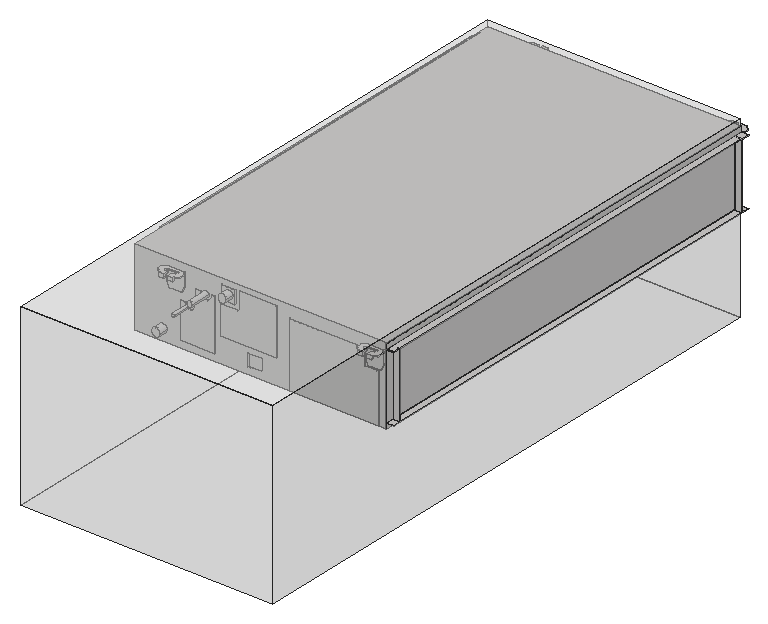
Revit family "outputfile", category 機械設備, Revit 2024
Family settings
  丸型コネクタ寸法 = 半径を使用
  パーツ タイプ = 標準
  OmniClass 番号 = 23.75.10.24.21.27.27
  OmniClass タイトル = Split System Air Conditioning Units
  作業面ベース = いいえ
  常に垂直 = はい
  ロード時にボイドで切り取り = いいえ
  注釈の向きを維持 = いいえ
  共有 = いいえ
  部屋計算ポイント = はい
Parameters (values of type "FBQ140EVE")
  Description = ""
  製造元 = "Daikin"
  書き出し IFC クラス(タイプ) = "IfcUnitaryEquipmentType"
  定義済み IFC タイプ(タイプ) = "AIRCONDITIONINGUNIT"
  Cost = 0
  モデル = "FBQ140EVE"
  Type Comments = ""
  Keynote = ""
  Type Image = (empty or 0)
  Assembly Code = ""
  switch_frequency = yes
  r_Liquid Pipe Size = Liquid Pipe Size / 2  # 4.75 mm
  r_Gas Pipe Size = Gas Pipe Size / 2  # 7.95 mm
  r_Drain Pipe Size = Drain Pipe Size / 2  # 12.5 mm
  lw_power = 770.0 mm  # constant formula
  lh_SA = 138.0 mm  # constant formula
  lw_SA = if(Depth = 550.0 mm, 225.0 mm, if(Depth = 700.0 mm, 300.0 mm, if(Depth = 1000.0 mm, 450.0 mm, if(Depth = 1400.0 mm, 650.0 mm, 725.0 mm))))  # 650.0 mm
  lw_RA = if(Depth = 550.0 mm, 275.0 mm, if(Depth = 700.0 mm, 349.0 mm, if(Depth = 1000.0 mm, 499.0 mm, if(Depth = 1400.0 mm, 699.0 mm, 775.0 mm))))  # 699.0 mm
  lh_power = 60.0 mm + [h***]  # 60.0 mm
  lh_mountinghole1 = lh_mountinghole + [h***]  # 222.0 mm
  lh_RA = 123.0 mm  # constant formula
  ld_power = Depth / 2  # 700.0 mm
  connector_voltage = Voltage_50Hz  # 230 V
  connector_powerinput = [Power Input (Cooling)]  # 5.850 kW
  connector_phase = Phase_50Hz  # 1
  Voltage_comment_60Hz = "220"
  Voltage_comment_50Hz = "220 - 240"
  Voltage_60Hz = 220 V
  Voltage_50Hz = 230 V
  URL = ""
  Supply Air Direction [instance] = yes
  Sound Power Level_H speed (dB) = 0
  Phase_60Hz = 1
  Phase_50Hz = 1
  Minimum External Static Pressure = 0.00 Pa
  Minimum Circuit Amps_60Hz = 0.0 A
  Minimum Circuit Amps_50Hz = 0.0 A
  Maximum Fuse Amps_60Hz = 0.0 A
  Maximum Fuse Amps_50Hz = 0.0 A
  Maximum External Static Pressure = 0.00 Pa
  Material_Casing = DAIKIN_GalvanizedSteel_Casing_indoorunit
  lw_mountinghole = 630.0 mm  # constant formula
  lh_gaspipe = 183.0 mm + [h***]  # 183.0 mm
  lh_mountinghole = 222.0 mm  # constant formula
  lh_liquidpipe = 136.0 mm + [h***]  # 136.0 mm
  lh_drainpipe = 207.0 mm + [h***]  # 207.0 mm
  lh_antena = Height - lh_mountinghole + 1.0 mm  # 24.0 mm
  ld_drainpipe = Depth / 2 + 26.0 mm  # 726.0 mm
  ld_liquidpipe = Depth / 2 + 69.0 mm  # 769.0 mm
  ld_gaspipe = Depth / 2 + 65.0 mm  # 765.0 mm
  ld_mountinghole = Depth + 38.0 mm  # 1438.0 mm
  h*** = 0.0 mm  # constant formula
  lw_liquidpipe = 179.0 mm  # constant formula
  lw_gaspipe = 229.0 mm  # constant formula
  lw_drainpipe = 300.0 mm  # constant formula
  Width = 800.0 mm
  Version = "ver.1.0"
  Unit Type = "Duct"
  Unit Mass Weight = 47.00 kg
  Unit Designation [instance] = ""
  Uniclass2015Version = "Products v1.30"
  Uniclass2015Title = "Split coil room air conditioning units"
  Uniclass2015Code = "Pr_70_65_03_86"
  Total Cooling Capacity [instance] = 0.000 kW
  Sound Pressure Level_M speed (dBA) = 37.5
  Sound Pressure Level_L speed (dBA) = 35
  Sound Pressure Level_H speed (dBA) = 40
  Series = "SkyAir_Fan Coil Unit"
  Sensible Cooling Capacity [instance] = 0.000 kW
  SA Duct Size Width = 1192.0 mm
  SA Duct Size Height = 176.0 mm
  Refrigerant Type = "R410A"
  RA Duct Size Width = 1352.0 mm
  RA Duct Size Height = 208.0 mm
  Power Input (Cooling) = 5.850 kW
  Option Accessory 3 [instance] = ""
  Option Accessory 2 [instance] = ""
  Option Accessory 1 [instance] = ""
  Nominal Cooling Capacity = 14.000 kW
  Minimum Airflow = 1500.00 m³/h
  Median Airflow = 1830.00 m³/h
  Maximum Airflow = 2160.00 m³/h
  Load Classification = HVAC
  Liquid Pipe Size = 9.5 mm
  Link_Nested Family [instance] = ""
  IfcVersion = ""
  IfcExportType = "AIRCONDITIONINGUNIT"
  IfcExportAs = "IfcUnitaryEquipmentType"
  Height = 245.0 mm
  Heat Exchanger Type = "Cross Fin Coil"
  Gas Pipe Size = 15.9 mm
  Frequency_60Hz = 60 Hz
  Frequency_50Hz = 50 Hz
  Fan Type = "Sirocco Fan"
  Fan Drive = "-"
  FCU Tag No. [instance] = ""
  Drain Pipe Size = 25.0 mm
  Design Supply Airflow [instance] = 0.00 m³/h
  Design Return Airflow [instance] = 0.00 m³/h
  Design External Static Pressure [instance] = 0.00 Pa
  Depth = 1400.0 mm
  既定の高さ = 0.0 mm
  Cooling Entering Wet Bulb Temperature [instance] = 0.00 °C
  Cooling Entering Dry Bulb Temperature [instance] = 0.00 °C
  Cooling Ambient Wet Bulb Temperature [instance] = 0.00 °C
  Cooling Ambient Dry Bulb Temperature [instance] = 0.00 °C
  Clearance visibility [instance] = yes
  Clearance Top = 20.0 mm
  Clearance Right = 0.0 mm
  Clearance Rear = 0.0 mm
  Clearance Left = 0.0 mm
  Clearance Front = 450.0 mm
  Clearance Bottom = 300.0 mm
Reference planes
  plane 1 "Center (Front/Back)": y = 0
  plane 2 "h": z = 0
  plane 3 "Center (Left/Right)": x = 0
  plane 4 "Back": y = 700
  plane 5 "Front": y = -700
  plane 6 "Left": x = -400
  plane 7 "Right": x = 400
  plane 8 "Top": z = 0
  plane 9 "Bottom": z = -245
  plane 10: y = -215
  plane 11: y = 700
  plane 12: y = -1150
  plane 13: x = -400
  plane 14: x = 400
  plane 15: z = 20
  plane 16: z = -545
  plane 17: x = -400
  plane 18: x = -399
  plane 19: x = 399
  plane 20: y = 50
  plane 21: y = -1
  plane 22: z = -122
  plane 23: y = -701
  plane 24: z = -109
  plane 25: x = -221
  plane 26: y = -765
  plane 27: z = -62
  plane 28: x = -171
  plane 29: y = -726
  plane 30: z = -38
  plane 31: x = -100
  plane 32: x = -100
  plane 33: x = -221
  plane 34: x = -171
  plane 35: x = 370
  plane 36: x = -266
  plane 37: x = 364
  plane 38: y = -719
  plane 39: y = 719
  plane 40: z = -23
  plane 41: z = -107
  plane 42: y = -769
  plane 43: z = -207
  plane 44: x = -309
  plane 45: y = -726
  plane 46: x = -251
  plane 47: x = -203
  plane 48: x = -144
  plane 49: z = -59
  plane 50: z = -106
  plane 51: z = -221
  plane 52: z = -109
  plane 53: x = -221
  plane 54: z = -62
  plane 55: x = -171
  plane 56: z = -17
  plane 57: z = -59
  plane 58: x = -121
  plane 59: x = -79
  plane 60: x = -125
  plane 61: x = -64
  plane 62: x = 53
  plane 63: z = -164
  plane 64: z = -73
  plane 65: z = -16
  plane 66: x = 93.5
  plane 67: x = 374.5
  plane 68: x = 330
  plane 69: z = -88.5
  plane 70: z = -38
  plane 71: z = -242.5
  plane 72: x = -38.5
  plane 73: x = 6.5
  plane 74: z = -181
  plane 75: z = -221
  plane 76: y = -699
  plane 77: x = -424
  plane 78: x = 424
Forms (mm)
  Extrusion 1, solid, material "DAIKIN_GalvanizedSteel_Casing_indoorunit" <- "Material_Casing"
    sketch origin (0, 0, 0) x (1, 0, 0) y (0, 1, 0)
      loop
        line (-399, 700) -> (-399, -700) -> (399, -700) -> (399, 700) -> (-399, 700)
    from -245 to 0
  Extrusion 2, solid, material "DAIKIN_GalvanizedSteel_Casing_indoorunit" <- "Material_Casing"
    sketch origin (0, 0, 0) x (1, 0, 0) y (0, 0, 1)
      loop
        line (-251, -221) -> (-144, -221) -> (-144, -59) -> (-154.47, -59)
        arc (-154.47, -59) -> (-171, -78.8) -> (-187.53, -59) r 16.8
        line (-187.53, -59) -> (-203, -59) -> (-203, -106) -> (-206.916, -106)
        arc (-206.916, -106) -> (-221, -123.4) -> (-235.084, -106) r 14.4
        line (-235.084, -106) -> (-251, -106) -> (-251, -221)
    from 700 to 701
  Extrusion 3, solid, material "DAIKIN_GalvanizedSteel_Casing_indoorunit" <- "Material_Casing"
    sketch origin (0, 0, 0) x (1, 0, 0) y (0, 0, 1)
      loop
        line (-121, -17) -> (-121, -59) -> (-79, -59) -> (-79, -17) -> (-121, -17)
      loop
        line (-125, -73) -> (-125, -164) -> (53, -164) -> (53, -16) -> (-64, -16) -> (-64, -73) -> (-125, -73)
    from 700 to 701
  Extrusion 4, solid, material "DAIKIN_GalvanizedSteel_Casing_indoorunit" <- "Material_Casing"
    sketch origin (0, 0, 0) x (1, 0, 0) y (0, 0, 1)
      loop
        line (93.5, -38) -> (93.5, -242.5) -> (374.5, -242.5) -> (374.5, -88.5) -> (330, -88.5) -> (330, -38) -> (93.5, -38)
    from 700 to 701
  Extrusion 5, solid, material "DAIKIN_GalvanizedSteel_Casing_indoorunit" <- "Material_Casing"
    sketch origin (0, 0, 0) x (1, 0, 0) y (0, 0, 1)
      loop
        circle (-221, -109) r 4.75
    from 700 to 769
  Extrusion 6, solid, material "DAIKIN_GalvanizedSteel_Casing_indoorunit" <- "Material_Casing"
    sketch origin (0, 0, 0) x (1, 0, 0) y (0, 0, 1)
      loop
        circle (-171, -62) r 7.95
    from 700 to 765
  Extrusion 7, solid, material "DAIKIN_GalvanizedSteel_Casing_indoorunit" <- "Material_Casing"
    sketch origin (0, 0, 0) x (1, 0, 0) y (0, 0, 1)
      loop
        circle (-100, -38) r 12.5
    from 701 to 726
  Extrusion 8, solid, material "DAIKIN_GalvanizedSteel_Casing_indoorunit" <- "Material_Casing"
    sketch origin (0, 0, 0) x (1, 0, 0) y (0, 0, 1)
      loop
        circle (-309, -207) r 13
    from 700 to 726
  Extrusion 9, void
    sketch origin (0, 0, 0) x (1, 0, 0) y (0, 0, 1)
      loop
        line (-38.5, -181) -> (-38.5, -221) -> (6.5, -221) -> (6.5, -181) -> (-38.5, -181)
    from 699 to 700
Cuts and joins
  Extrusion 9 cuts Extrusion 1
Dimensions and locks
  "Height": plane 8 "Top" to plane 9 "Bottom"
  equal spacing: plane 4 "Back", plane 1 "Center (Front/Back)", plane 5 "Front"
  "Depth": plane 4 "Back" to plane 5 "Front"
  equal spacing: plane 6 "Left", plane 3 "Center (Left/Right)", plane 7 "Right"
  "Width": plane 6 "Left" to plane 7 "Right"
  "Clearance Left": plane 13 to plane 6 "Left"
  "Clearance Right": plane 7 "Right" to plane 14
  "Clearance Rear": plane 11 to plane 4 "Back"
  "Clearance Front": plane 5 "Front" to plane 12
  "Clearance Top": plane 15 to plane 8 "Top"
  "Clearance Bottom": plane 9 "Bottom" to plane 16
  locked: plane 17 to plane 18 at 1
  locked: plane 19 to plane 14 at 1
  "lw_RA": plane 21 to plane 5 "Front"
  "lh_RA": plane 22 to plane 9 "Bottom"
  locked: plane 5 "Front" to plane 23 at 1
  "lw_liquidpipe": plane 25 to plane 6 "Left"
  "lh_liquidpipe": plane 24 to plane 9 "Bottom"
  "lh_gaspipe": plane 27 to plane 9 "Bottom"
  "lw_gaspipe": plane 28 to plane 6 "Left"
  "ld_gaspipe": plane 26 to plane 1 "Center (Front/Back)"
  "ld_drainpipe": plane 29 to plane 1 "Center (Front/Back)"
  "lh_drainpipe": plane 30 to plane 9 "Bottom"
  "lw_drainpipe": plane 31 to plane 6 "Left"
  "lw_drainpipe": plane 6 "Left" to plane 32
  "lw_liquidpipe": plane 6 "Left" to plane 33
  "lw_gaspipe": plane 6 "Left" to plane 34
  "lw_power": plane 6 "Left" to plane 35
  locked: plane 17 to plane 36 at 134
  "lw_mountinghole": plane 36 to plane 37
  equal spacing: plane 38, plane 1 "Center (Front/Back)", plane 39
  "ld_mountinghole": plane 39 to plane 38
  "lh_mountinghole": plane 40 to plane 9 "Bottom"
  "lh_SA": plane 41 to plane 9 "Bottom"
  locked: plane 44 to plane 6 "Left" at 91
  locked: plane 43 to plane 9 "Bottom" at 38
  locked: plane 5 "Front" to plane 45 at 26
  plane 48 to plane 47 to plane 46 to plane 6 "Left" = 59.0 mm, 48.0 mm, 149.0 mm
  plane 8 "Top" to plane 49 to plane 50 to plane 51 = 59.0 mm locked, 47.0 mm locked, 115.0 mm locked
  plane 55 to plane 53 to plane 6 "Left" = 50.0 mm locked, 179.0 mm locked
  plane 54 to plane 52 to plane 9 "Bottom" = 47.0 mm locked, 136.0 mm locked
  plane 59 to plane 58 to plane 6 "Left" = 42.0 mm locked, 279.0 mm locked
  plane 8 "Top" to plane 56 to plane 57 = 17.0 mm locked, 42.0 mm locked
  plane 62 to plane 61 to plane 60 to plane 6 "Left" = 117.0 mm, 61.0 mm, 275.0 mm
  plane 8 "Top" to plane 65 to plane 64 = 16.0 mm locked, 57.0 mm locked
  locked: plane 65 to plane 63 at 148
  plane 8 "Top" to plane 70 to plane 69 to plane 71 = 38.0 mm locked, 50.5 mm locked, 154.0 mm locked
  plane 67 to plane 68 to plane 66 to plane 6 "Left" = 44.5 mm locked, 236.5 mm locked, 493.5 mm locked
  plane 8 "Top" to plane 74 to plane 75 = 181.0 mm locked, 40.0 mm locked
  plane 73 to plane 72 to plane 6 "Left" = 45.0 mm, 361.5 mm
  locked: plane 76 to plane 5 "Front" at 1
  locked: plane 77 to plane 17 at 24
  locked: plane 14 to plane 78 at 24
  "ld_liquidpipe": plane 42 to plane 1 "Center (Front/Back)"
  "lw_SA": plane 4 "Back" to plane 20
  "r_Liquid Pipe Size": radius of Extrusion 5 sketch curve
  "r_Gas Pipe Size": radius of Extrusion 6 sketch curve
  "r_Drain Pipe Size": radius of Extrusion 7 sketch curve
  aligned and locked: level to plane 2 "h"
  aligned and locked: plane 8 "Top" to Extrusion 1
  aligned and locked: Extrusion 1 to plane 9 "Bottom"
  aligned and locked: nested 5 to plane 12
  aligned and locked: plane 13 to nested 5
  aligned and locked: plane 14 to nested 5
  aligned and locked: nested 5 to plane 13
  aligned and locked: plane 11 to nested 5
  aligned and locked: plane 15 to nested 5
  aligned and locked: plane 16 to nested 5
  aligned and locked: plane 5 "Front" to Extrusion 1 sketch curve
  aligned and locked: Extrusion 1 to plane 18
  aligned and locked: plane 19 to Extrusion 1
  aligned and locked: nested 7 to plane 18
  aligned and locked: nested 7 to plane 20
  aligned and locked: plane 19 to nested 8
  aligned and locked: plane 21 to nested 8
  aligned and locked: plane 22 to nested 8
  aligned and locked: Extrusion 2 to plane 23
  aligned and locked: plane 5 "Front" to Extrusion 2
  aligned and locked: Extrusion 3 to plane 23
  aligned and locked: plane 5 "Front" to Extrusion 3
  aligned and locked: plane 5 "Front" to Extrusion 4
  aligned and locked: Extrusion 5 sketch curve to plane 25
  aligned and locked: plane 24 to Extrusion 5 sketch curve
  aligned and locked: plane 5 "Front" to Extrusion 5
  aligned and locked: Extrusion 6 sketch curve to plane 28
  aligned and locked: plane 27 to Extrusion 6 sketch curve
  aligned and locked: plane 5 "Front" to Extrusion 6
  aligned and locked: Extrusion 7 sketch curve to plane 31
  aligned and locked: Extrusion 7 sketch curve to plane 30
  aligned and locked: Extrusion 7 to plane 29
  aligned and locked: plane 23 to Extrusion 7
  aligned and locked: nested 3 to plane 29
  aligned and locked: nested 3 to plane 32
  aligned and locked: nested 2 to plane 33
  aligned and locked: nested 1 to plane 34
  aligned and locked: Extrusion 6 to plane 26
  aligned and locked: nested 1 to plane 26
  aligned and locked: nested 6 to plane 5 "Front"
  aligned and locked: nested 6 to plane 35
  aligned and locked: plane 36 to nested 10
  aligned and locked: nested 10 to plane 5 "Front"
  aligned and locked: plane 37 to nested 9
  aligned and locked: nested 9 to plane 5 "Front"
  aligned and locked: nested 11 to plane 36
  aligned and locked: plane 4 "Back" to nested 11
  aligned and locked: nested 12 to plane 37
  aligned and locked: plane 4 "Back" to nested 12
  aligned and locked: plane 40 to nested 10
  aligned and locked: plane 40 to nested 11
  aligned and locked: plane 40 to nested 9
  aligned and locked: plane 40 to nested 12
  aligned and locked: plane 36 to nested 14
  aligned and locked: nested 14 to plane 39
  aligned and locked: plane 37 to nested 13
  aligned and locked: nested 13 to plane 39
  aligned and locked: plane 37 to nested 16
  aligned and locked: plane 38 to nested 16
  aligned and locked: plane 38 to nested 15
  aligned and locked: plane 36 to nested 15
  aligned and locked: plane 17 to plane 6 "Left"
  aligned and locked: plane 41 to nested 7
  aligned and locked: Extrusion 5 to plane 42
  aligned and locked: nested 2 to plane 42
  aligned and locked: Extrusion 8 sketch curve to plane 44
  aligned and locked: plane 43 to Extrusion 8 sketch curve
  aligned and locked: plane 5 "Front" to Extrusion 8
  aligned and locked: plane 45 to Extrusion 8
  aligned and locked: Extrusion 3 sketch curve to plane 56
  aligned and locked: Extrusion 3 sketch curve to plane 58
  aligned and locked: plane 57 to Extrusion 3 sketch curve
  aligned and locked: plane 59 to Extrusion 3 sketch curve
  aligned and locked: Extrusion 4 to plane 23
  aligned and locked: Extrusion 9 sketch curve to plane 74
  aligned and locked: plane 75 to Extrusion 9 sketch curve
  aligned and locked: plane 73 to Extrusion 9 sketch curve
  aligned and locked: plane 5 "Front" to Extrusion 9
  aligned and locked: plane 76 to Extrusion 9
  aligned and locked: nested 17 to plane 20
  aligned and locked: nested 17 to plane 77
  aligned and locked: plane 21 to nested 18
  aligned and locked: plane 78 to nested 18
  aligned and locked: plane 41 to nested 17
  aligned and locked: nested 18 to plane 22
  aligned and locked: nested 4 to plane 3 "Center (Left/Right)"
  aligned and locked: plane 1 "Center (Front/Back)" to nested 4
  aligned and locked: level to plane 8 "Top"
Automatic sketch dimensions
  plane 6 "Left" to Extrusion 1 sketch curve = 1.0 mm
  Extrusion 1 sketch curve to plane 7 "Right" = 1.0 mm
  Extrusion 1 sketch curve to plane 4 "Back" = 0.0 mm
  Extrusion 2 sketch curve to plane 46 = 0.0 mm
  Extrusion 2 sketch curve to plane 33 = 0.0 mm
  Extrusion 2 sketch curve to plane 47 = 0.0 mm
  Extrusion 2 sketch curve to plane 34 = 0.0 mm
  Extrusion 2 sketch curve to plane 48 = 0.0 mm
  Extrusion 2 sketch curve to plane 51 = 0.0 mm
  Extrusion 2 sketch curve to plane 52 = 0.0 mm
  Extrusion 2 sketch curve to plane 50 = 0.0 mm  (x3)
  Extrusion 2 sketch curve to plane 54 = 0.0 mm
  Extrusion 2 sketch curve to plane 49 = 0.0 mm  (x3)
  plane 33 to Extrusion 2 sketch curve = 14.084 mm
  plane 34 to Extrusion 2 sketch curve = 16.53 mm
  Extrusion 3 sketch curve to plane 60 = 0.0 mm
  Extrusion 3 sketch curve to plane 61 = 0.0 mm
  Extrusion 3 sketch curve to plane 62 = 0.0 mm
  Extrusion 3 sketch curve to plane 63 = 0.0 mm
  Extrusion 3 sketch curve to plane 64 = 0.0 mm
  Extrusion 3 sketch curve to plane 65 = 0.0 mm
  Extrusion 4 sketch curve to plane 66 = 0.0 mm
  Extrusion 4 sketch curve to plane 68 = 0.0 mm
  Extrusion 4 sketch curve to plane 67 = 0.0 mm
  Extrusion 4 sketch curve to plane 71 = 0.0 mm
  Extrusion 4 sketch curve to plane 69 = 0.0 mm
  Extrusion 4 sketch curve to plane 70 = 0.0 mm
  Extrusion 9 sketch curve to plane 72 = 0.0 mm
  radius of Extrusion 8 sketch curve = 13.0 mm
Nested families
  nested 1: "daikin_connector_rotate2" at (-171, 0, -62), length <- "ld_gaspipe", built-in parameter 1001364 <- "lh_gaspipe", radius <- "r_Gas Pipe Size", type "daikin_connector_rotate2"
    with radius 7.95 mm, length 765.0 mm, angle_vertical 90.00°
  nested 2: "daikin_connector_rotate2" at (-221, 0, -109), length <- "ld_liquidpipe", built-in parameter 1001364 <- "lh_liquidpipe", radius <- "r_Liquid Pipe Size", type "daikin_connector_rotate2"
    with radius 4.75 mm, length 769.0 mm, angle_vertical 90.00°
  nested 3: "daikin_connector_rotate2" at (-100, 0, -38), length <- "ld_drainpipe", built-in parameter 1001364 <- "lh_drainpipe", radius <- "r_Drain Pipe Size", type "daikin_connector_rotate2"
    with radius 12.5 mm, length 726.0 mm, angle_vertical 90.00°
  nested 4: "daikin_△_symbolicline" at (0, 0, 245) x (0, -1, 0) z (0, 0, 1), built-in parameter 1001364 <- "Height", visible <- "Supply Air Direction", type "daikin_△_symbolicline"
    with length 200.0 mm
  nested 5: "daikin_clearancespace" at (0, -225, -262.381), visible <- "Clearance visibility", show <- "Clearance visibility", Link_Nested Family <- "Link_Nested Family", type "daikin_clearancespace"
    with width 800.0 mm, show yes, height 565.0 mm, depth 1850.0 mm, Link_Nested Family ""
  nested 6: "daikin_connector_rotate2" at (370, 0, -185), built-in parameter 1001364 <- "lh_power", length <- "ld_power", type "daikin_connector_rotate2"
    with radius 10.0 mm, length 700.0 mm, angle_vertical 90.00°
  nested 7: "daikin_ductflange_FBQ-EVE2" at (-399, 50, -107) x (0, -1, 0) z (0, 0, 1), type "daikin_ductflange_FBQ-EVE2"
  nested 8: "daikin_ductflange_FBQ-EVE" at (399, -1, -122) x (0, 1, 0) z (0, 0, 1), type "daikin_ductflange_FBQ-EVE"
    with width 1352.0 mm, lw 25.0 mm, w 1400.0 mm
  nested 9: "daikin_hangerfixture_FBQ-EVE" at (364, -700, -23), type "daikin_hangerfixture_FBQ-EVE"
  nested 10: "daikin_hangerfixture_FBQ-EVE" at (-266, -700, -23), type "daikin_hangerfixture_FBQ-EVE"
  nested 11: "daikin_hangerfixture_FBQ-EVE" at (-266, 700, -23) x (-1, 0, 0) z (0, 0, 1), type "daikin_hangerfixture_FBQ-EVE"
  nested 12: "daikin_hangerfixture_FBQ-EVE" at (364, 700, -23) x (-1, 0, 0) z (0, 0, 1), type "daikin_hangerfixture_FBQ-EVE"
  nested 13: "daikin_mountinghole" at (364, 719, -245), h_mountinghole <- "lh_mountinghole1", l_antenna <- "lh_antena", Link_Nested Family <- "Link_Nested Family", type "daikin_mountinghole"
    with show yes, l_antenna 24.0 mm, h_mountinghole 222.0 mm, Link_Nested Family ""
  nested 14: "daikin_mountinghole" at (-266, 719, -245), h_mountinghole <- "lh_mountinghole1", l_antenna <- "lh_antena", Link_Nested Family <- "Link_Nested Family", type "daikin_mountinghole"
    with show yes, l_antenna 24.0 mm, h_mountinghole 222.0 mm, Link_Nested Family ""
  nested 15: "daikin_mountinghole" at (-266, -719, -245), h_mountinghole <- "lh_mountinghole1", l_antenna <- "lh_antena", Link_Nested Family <- "Link_Nested Family", type "daikin_mountinghole"
    with show yes, l_antenna 24.0 mm, h_mountinghole 222.0 mm, Link_Nested Family ""
  nested 16: "daikin_mountinghole" at (364, -719, -245), h_mountinghole <- "lh_mountinghole1", l_antenna <- "lh_antena", Link_Nested Family <- "Link_Nested Family", type "daikin_mountinghole"
    with show yes, l_antenna 24.0 mm, h_mountinghole 222.0 mm, Link_Nested Family ""
  nested 17: "daikin_connector_rotate2" at (-400, 50, -107) x (0, -1, 0) z (0, 0, 1), type "daikin_connector_rotate2"
    with radius 10.0 mm, length 24.0 mm, angle_vertical 90.00°
  nested 18: "daikin_connector_rotate2" at (400, -1, -122) x (0, 1, 0) z (0, 0, 1), type "daikin_connector_rotate2"
    with radius 10.0 mm, length 24.0 mm, angle_vertical 90.00°
Connectors
  piping at (-100, -726, -38), diameter 25, driven by "r_Drain Pipe Size"
    settings: on nested 3, index 3, connector inside diameter 609.6 mm, connector length 0.0 mm, flow factor 0, pipe flow 0.00 m³/h, pressure drop 0.0 Pa, fitting loss kfactor 0, connector angle 0.00°, fixture units 0, engagement length 0.0 mm, angle of deflection 0.00°, flow configuration 1, flow direction 2, fitting loss method 4, system type 16, joint type 0, gender type 0, connector reference index -1, connector utility 0, adjustable connector no, is connector primary yes, connector description "Condensate Drain Piping"
  piping at (-171, -765, -62), diameter 15.9, driven by "r_Gas Pipe Size"
    settings: on nested 1, index 4, connector inside diameter 609.6 mm, connector length 0.0 mm, flow factor 0, pipe flow 0.00 m³/h, pressure drop 0.0 Pa, fitting loss kfactor 0, connector angle 0.00°, fixture units 0, engagement length 0.0 mm, angle of deflection 0.00°, flow configuration 1, flow direction 2, fitting loss method 0, system type 29, joint type 0, gender type 0, connector reference index -1, connector utility 0, adjustable connector no, is connector primary no, connector description "Refrigerant Gas Piping"
  piping at (-221, -769, -109), diameter 9.5, driven by "r_Liquid Pipe Size"
    settings: on nested 2, index 5, connector inside diameter 609.6 mm, connector length 0.0 mm, flow factor 0, pipe flow 0.00 m³/h, pressure drop 0.0 Pa, fitting loss kfactor 0, connector angle 0.00°, fixture units 0, engagement length 0.0 mm, angle of deflection 0.00°, flow configuration 1, flow direction 1, fitting loss method 0, system type 29, joint type 0, gender type 0, connector reference index -1, connector utility 0, adjustable connector no, is connector primary no, connector description "Refrigerant Liquid Piping"
  electrical at (370, -700, -185), driven by "Load Classification", driven by "connector_powerinput", driven by "connector_voltage", driven by "connector_phase"
    settings: on nested 6, index 6, voltage 230 V, apparent load 5850 VA, apparent load phase1 0 VA, apparent load phase2 0 VA, apparent load phase3 0 VA, power factor 1, load classification "HVAC", number of poles 1, system type 30, power factor state 1, is connector primary yes, connector utility no, sub classification motor no, connector description "Power Supply"
  hvac at (-424, 50, -107), driven by "SA Duct Size Height", driven by "SA Duct Size Width"
    settings: on nested 17, index 7, duct flow 0.00 m³/h, flow factor 0, pres drop 0.00 Pa, loss coef 0, conn angle 0.00°, conn width 1192.0 mm, conn height 176.0 mm, conn diameter 609.6 mm, duct sys type 1, conn prof type 1, flow config 0, flow direction 2, loss method 4, conn ref index -1, conn util no, is conn primary yes, conn desc "SA Duct"
  hvac at (424, -1, -122), driven by "RA Duct Size Height", driven by "RA Duct Size Width"
    settings: on nested 18, index 8, duct flow 0.00 m³/h, flow factor 0, pres drop 0.00 Pa, loss coef 0, conn angle 0.00°, conn width 1352.0 mm, conn height 208.0 mm, conn diameter 609.6 mm, duct sys type 2, conn prof type 1, flow config 0, flow direction 1, loss method 4, conn ref index -1, conn util no, is conn primary no, conn desc "RA Duct"
Definition of nested family "daikin_clearancespace"
  Parameters (values of type "daikin_clearancespace")
    Description = "daikin_clearancespace"
    width [instance] = 1823.963 mm
    show [instance] = yes
    material = none
    height [instance] = 1359.762 mm
    depth [instance] = 880.0 mm
    Default Elevation = 0.0 mm
    Link_Nested Family [instance] = ""
  Reference planes
    plane 1 "Center (Front/Back)": y = 0
    plane 2 "Center (Elevation)": z = -0.119
    plane 3 "Center (Left/Right)": x = 0
    plane 4: y = 440
    plane 5: y = -440
    plane 6 "Right": x = 911.982
    plane 7 "Left": x = -911.982
    plane 8 "Top": z = 679.762
    plane 9 "Bottom": z = -680
  Forms (mm)
    Extrusion 1, solid, material <- "material", visible <- "show"
      sketch origin (0, 0, 0) x (1, 0, 0) y (0, 1, 0)
        loop
          line (-911.982, 440) -> (-911.982, -440) -> (911.982, -440) -> (911.982, 440) -> (-911.982, 440)
      from -680 to 679.762
  Lines and regions (mm)
    symbolic lines, visible <- "show"
      curve 1: line (911.982, 440, 0) -> (-911.982, 440, 0)
      curve 2: line (-911.982, 440, 0) -> (-911.982, -440, 0)
      curve 3: line (-911.982, -440, 0) -> (911.982, -440, 0)
      curve 4: line (911.982, -440, 0) -> (911.982, 440, 0)
      curve 5: line (911.982, 0, 679.762) -> (-911.982, 0, 679.762)
      curve 6: line (911.982, 0, -680) -> (911.982, 0, 679.762)
      curve 7: line (-911.982, 0, -680) -> (911.982, 0, -680)
      curve 8: line (-911.982, 0, 679.762) -> (-911.982, 0, -680)
      curve 9: line (0, 440, 679.762) -> (0, -440, 679.762)
      curve 10: line (0, -440, 679.762) -> (0, -440, -680)
      curve 11: line (0, 440, -680) -> (0, 440, 679.762)
      curve 12: line (0, -440, -680) -> (0, 440, -680)
  Dimensions and locks
    "width": plane 7 "Left" to plane 6 "Right"
    "depth": plane 4 to plane 5
    "height": plane 8 "Top" to plane 9 "Bottom"
    equal spacing: plane 7 "Left", plane 3 "Center (Left/Right)", plane 6 "Right"
    equal spacing: plane 4, plane 1 "Center (Front/Back)", plane 5
    equal spacing: plane 8 "Top", plane 2 "Center (Elevation)", plane 9 "Bottom"
    aligned and locked: level to plane 2 "Center (Elevation)"
    aligned and locked: Extrusion 1 sketch curve to plane 4
    aligned and locked: plane 7 "Left" to Extrusion 1 sketch curve
    aligned and locked: Extrusion 1 sketch curve to plane 5
    aligned and locked: Extrusion 1 sketch curve to plane 6 "Right"
    aligned and locked: plane 8 "Top" to Extrusion 1
    aligned and locked: curve 1 to Extrusion 1
    aligned and locked: curve 2 to Extrusion 1
    aligned and locked: curve 3 to Extrusion 1
    aligned and locked: curve 4 to Extrusion 1
    aligned and locked: curve 5 to Extrusion 1
    aligned and locked: curve 6 to Extrusion 1
    aligned and locked: curve 7 to Extrusion 1
    aligned and locked: curve 8 to Extrusion 1
    aligned and locked: curve 9 to Extrusion 1
    aligned and locked: curve 10 to Extrusion 1
    aligned and locked: curve 11 to Extrusion 1
    aligned and locked: curve 12 to Extrusion 1
    aligned and locked: Extrusion 1 to plane 9 "Bottom"
Definition of nested family "daikin_ductflange_FBQ-EVE2"
  Parameters (values of type "daikin_ductflange_FBFC-DVMG2")
    width = if(w = 550.0 mm, 337.0 mm, if(w = 700.0 mm, 492.0 mm, if(w = 1000.0 mm, 792.0 mm, if(w = 1400.0 mm, 1192.0 mm, 1337.0 mm))))  # 1192.0 mm
    material = none
    height = 215.0 mm
    depth = 1.0 mm
    w = 1400.0 mm
    Default Elevation = 0.0 mm
  Reference planes
    plane 1 "Center (Front/Back)": y = 0
    plane 2: z = 0
    plane 3 "Center (Left/Right)": x = 0
    plane 4: z = 88
    plane 5: z = -88
    plane 6: y = -25
    plane 7: z = 106
    plane 8: z = 89
    plane 9: y = -1
    plane 10: x = -617.5
    plane 11: x = 617.5
    plane 12: z = -106
    plane 13: z = -89
    plane 14: y = -1
    plane 15: x = 596
    plane 16: x = -596
    plane 17: x = 597
    plane 18: z = 87
    plane 19: z = -87
    plane 20: x = -597
    plane 21: z = 87
    plane 22: z = -87
    plane 23: y = -1
  Forms (mm)
    Extrusion 1, solid, material <- "material"
      sketch origin (0, 0, 0) x (0, 1, 0) y (0, 0, 1)
        loop
          line (-25, 88) -> (0, 88) -> (0, 106) -> (-1, 106) -> (-1, 89) -> (-25, 89) -> (-25, 88)
      from -617.5 to 617.5
    Extrusion 2, solid, material <- "material"
      sketch origin (0, 0, 0) x (0, 1, 0) y (0, 0, 1)
        loop
          line (-25, -88) -> (-25, -89) -> (-1, -89) -> (-1, -106) -> (0, -106) -> (0, -88) -> (-25, -88)
      from -617.5 to 617.5
    Extrusion 3, solid, material <- "material"
      sketch origin (0, 0, 0) x (1, 0, 0) y (0, 0, 1)
        loop
          line (596, 88) -> (596, -88) -> (617.5, -88) -> (617.5, -87) -> (597, -87) -> (597, 87) -> (617.5, 87) -> (617.5, 88) -> (596, 88)
      from 0 to 25
    Extrusion 4, solid, material <- "material"
      sketch origin (0, 0, 0) x (1, 0, 0) y (0, 0, 1)
        loop
          line (-617.5, 88) -> (-617.5, 87) -> (-597, 87) -> (-597, -87) -> (-617.5, -87) -> (-617.5, -88) -> (-596, -88) -> (-596, 88) -> (-617.5, 88)
      from 0 to 25
    Extrusion 5, solid, material <- "material"
      sketch origin (0, 0, 0) x (1, 0, 0) y (0, 0, 1)
        loop
          line (-617.5, 88) -> (-617.5, -88) -> (-596, -88) -> (-596, 88) -> (-617.5, 88)
        loop
          line (617.5, 88) -> (596, 88) -> (596, -88) -> (617.5, -88) -> (617.5, 88)
      from 0 to 1
  Cuts and joins
    joined: Extrusion 1, Extrusion 2, Extrusion 3, Extrusion 4, Extrusion 5
  Dimensions and locks
    plane 4 to level to plane 5 = 88.0 mm, 88.0 mm
    locked: plane 6 to plane 1 "Center (Front/Back)" at 25
    locked: plane 9 to plane 1 "Center (Front/Back)" at 1
    locked: plane 8 to plane 4 at 1
    locked: plane 16 to plane 10 at 21.5
    locked: plane 17 to plane 15 at 1
    locked: plane 4 to plane 18 at 1
    locked: plane 19 to plane 5 at 1
    "width": plane 15 to plane 16
    plane 4 to plane 5 = 176.0 mm
    locked: plane 16 to plane 20 at 1
    locked: plane 4 to plane 21 at 1
    locked: plane 22 to plane 5 at 1
    locked: plane 23 to plane 1 "Center (Front/Back)" at 1
    plane 4 to level to plane 5 = 88.0 mm locked, 88.0 mm locked
    locked: plane 5 to plane 13 at 1
    locked: plane 5 to plane 12 at 18
    locked: plane 7 to plane 4 at 18
    equal spacing: plane 15, plane 3 "Center (Left/Right)", plane 16
    locked: plane 11 to plane 15 at 21.5
    plane 11 to plane 10 = 1235.0 mm
    aligned and locked: level to plane 2
    aligned and locked: Extrusion 1 to plane 10
    aligned and locked: plane 11 to Extrusion 1
    aligned and locked: plane 5 to Extrusion 2
    aligned and locked: Extrusion 2 to plane 1 "Center (Front/Back)"
    aligned and locked: plane 15 to Extrusion 3 sketch curve
    aligned and locked: Extrusion 3 sketch curve to Extrusion 2  (x2)
    aligned and locked: Extrusion 3 sketch curve to plane 11
    aligned and locked: plane 6 to Extrusion 3
    aligned and locked: Extrusion 2 to plane 10
    aligned and locked: plane 11 to Extrusion 2
    aligned and locked: Extrusion 4 sketch curve to Extrusion 1  (x2)
    aligned and locked: plane 5 to Extrusion 4 sketch curve
    aligned and locked: Extrusion 4 sketch curve to plane 16
    aligned and locked: Extrusion 4 sketch curve to plane 22
    aligned and locked: plane 20 to Extrusion 4 sketch curve
    aligned and locked: plane 21 to Extrusion 4 sketch curve
    aligned and locked: Extrusion 4 to plane 1 "Center (Front/Back)"
    aligned and locked: plane 6 to Extrusion 4
    aligned and locked: Extrusion 5 sketch curve to Extrusion 1  (x4)
    aligned and locked: Extrusion 5 sketch curve to Extrusion 4  (x2)
    aligned and locked: Extrusion 5 sketch curve to Extrusion 3  (x2)
    aligned and locked: Extrusion 5 to plane 1 "Center (Front/Back)"
    aligned and locked: plane 23 to Extrusion 5
  Automatic sketch dimensions
    Extrusion 1 sketch curve to plane 6 = 0.0 mm
    Extrusion 1 sketch curve to plane 7 = 0.0 mm
    Extrusion 1 sketch curve to plane 9 = 0.0 mm
    Extrusion 1 sketch curve to plane 1 "Center (Front/Back)" = 0.0 mm
    Extrusion 1 sketch curve to plane 4 = 0.0 mm
    Extrusion 1 sketch curve to plane 8 = 0.0 mm
    Extrusion 2 sketch curve to plane 6 = 0.0 mm
    plane 12 to Extrusion 2 sketch curve = 0.0 mm
    Extrusion 2 sketch curve to plane 14 = 0.0 mm
    Extrusion 2 sketch curve to plane 1 "Center (Front/Back)" = 0.0 mm
    plane 13 to Extrusion 2 sketch curve = 0.0 mm
    Extrusion 2 sketch curve to plane 5 = 0.0 mm
    Extrusion 3 sketch curve to plane 17 = 0.0 mm
    Extrusion 3 sketch curve to plane 19 = 0.0 mm
    Extrusion 3 sketch curve to plane 18 = 0.0 mm
    Extrusion 3 sketch curve to plane 4 = 0.0 mm
    Extrusion 4 sketch curve to plane 10 = 0.0 mm
Definition of nested family "daikin_ductflange_FBQ-EVE"
  Parameters (values of type "daikin_ductflange_FBFC-DVMG")
    width = if(w = 550.0 mm, 502.0 mm, if(w = 700.0 mm, 654.0 mm, if(w = 1000.0 mm, 952.0 mm, if(w = 1400.0 mm, 1352.0 mm, 1502.0 mm))))  # 654.0 mm
    material = none
    lw = if(width = 654.0 mm, 23.0 mm, 25.0 mm)  # 23.0 mm
    height = 208.0 mm
    depth = 1.0 mm
    w = 700.0 mm
    Default Elevation = 0.0 mm
  Reference planes
    plane 1 "Center (Front/Back)": y = 0
    plane 2: z = 0
    plane 3 "Center (Left/Right)": x = 0
    plane 4: z = 104
    plane 5: z = -104
    plane 6: y = -25
    plane 7: z = 121
    plane 8: z = 105
    plane 9: y = -1
    plane 10: x = -350
    plane 11: x = 350
    plane 12: z = -122
    plane 13: z = -105
    plane 14: y = -1
    plane 15: x = 327
    plane 16: x = -327
    plane 17: x = 328
    plane 18: z = 103
    plane 19: z = -103
    plane 20: x = -328
    plane 21: z = 103
    plane 22: z = -103
    plane 23: y = -1
  Forms (mm)
    Extrusion 1, solid, material <- "material"
      sketch origin (0, 0, 0) x (0, 1, 0) y (0, 0, 1)
        loop
          line (-25, 104) -> (0, 104) -> (0, 121) -> (-1, 121) -> (-1, 105) -> (-25, 105) -> (-25, 104)
      from -350 to 350
    Extrusion 2, solid, material <- "material"
      sketch origin (0, 0, 0) x (0, 1, 0) y (0, 0, 1)
        loop
          line (-25, -104) -> (-25, -105) -> (-1, -105) -> (-1, -122) -> (0, -122) -> (0, -104) -> (-25, -104)
      from -350 to 350
    Extrusion 3, solid, material <- "material"
      sketch origin (0, 0, 0) x (1, 0, 0) y (0, 0, 1)
        loop
          line (327, 104) -> (327, -104) -> (350, -104) -> (350, -103) -> (328, -103) -> (328, 103) -> (350, 103) -> (350, 104) -> (327, 104)
      from 0 to 25
    Extrusion 4, solid, material <- "material"
      sketch origin (0, 0, 0) x (1, 0, 0) y (0, 0, 1)
        loop
          line (-350, 104) -> (-350, 103) -> (-328, 103) -> (-328, -103) -> (-350, -103) -> (-350, -104) -> (-327, -104) -> (-327, 104) -> (-350, 104)
      from 0 to 25
    Extrusion 5, solid, material <- "material"
      sketch origin (0, 0, 0) x (1, 0, 0) y (0, 0, 1)
        loop
          line (-350, 104) -> (-350, -104) -> (-327, -104) -> (-327, 104) -> (-350, 104)
        loop
          line (350, 104) -> (327, 104) -> (327, -104) -> (350, -104) -> (350, 104)
      from 0 to 1
  Cuts and joins
    joined: Extrusion 1, Extrusion 2, Extrusion 3, Extrusion 4, Extrusion 5
  Dimensions and locks
    plane 4 to level to plane 5 = 104.0 mm, 104.0 mm
    locked: plane 6 to plane 1 "Center (Front/Back)" at 25
    locked: plane 9 to plane 1 "Center (Front/Back)" at 1
    locked: plane 8 to plane 4 at 1
    "lw": plane 11 to plane 15
    "lw": plane 16 to plane 10
    locked: plane 17 to plane 15 at 1
    locked: plane 4 to plane 18 at 1
    locked: plane 19 to plane 5 at 1
    "width": plane 15 to plane 16
    equal spacing: plane 15, plane 3 "Center (Left/Right)", plane 16
    locked: plane 16 to plane 20 at 1
    locked: plane 4 to plane 21 at 1
    locked: plane 22 to plane 5 at 1
    locked: plane 23 to plane 1 "Center (Front/Back)" at 1
    locked: plane 7 to plane 4 at 17
    locked: plane 1 "Center (Front/Back)" to plane 14 at 1
    locked: plane 5 to plane 13 at 1
    "height": plane 4 to plane 5
    plane 11 to plane 10 = 700.0 mm
    locked: plane 12 to plane 13 at 17
    equal spacing: plane 4, level, plane 5
    aligned and locked: level to plane 2
    aligned and locked: Extrusion 1 to plane 10
    aligned and locked: plane 11 to Extrusion 1
    aligned and locked: plane 5 to Extrusion 2
    aligned and locked: Extrusion 2 to plane 1 "Center (Front/Back)"
    aligned and locked: plane 15 to Extrusion 3 sketch curve
    aligned and locked: Extrusion 3 sketch curve to Extrusion 2  (x2)
    aligned and locked: Extrusion 3 sketch curve to plane 11
    aligned and locked: plane 6 to Extrusion 3
    aligned and locked: Extrusion 2 to plane 10
    aligned and locked: plane 11 to Extrusion 2
    aligned and locked: Extrusion 4 sketch curve to Extrusion 1  (x2)
    aligned and locked: plane 5 to Extrusion 4 sketch curve
    aligned and locked: Extrusion 4 sketch curve to plane 16
    aligned and locked: Extrusion 4 sketch curve to plane 22
    aligned and locked: plane 20 to Extrusion 4 sketch curve
    aligned and locked: plane 21 to Extrusion 4 sketch curve
    aligned and locked: Extrusion 4 to plane 1 "Center (Front/Back)"
    aligned and locked: plane 6 to Extrusion 4
    aligned and locked: Extrusion 5 sketch curve to Extrusion 1  (x4)
    aligned and locked: Extrusion 5 sketch curve to Extrusion 4  (x2)
    aligned and locked: Extrusion 5 sketch curve to Extrusion 3  (x2)
    aligned and locked: Extrusion 5 to plane 1 "Center (Front/Back)"
    aligned and locked: plane 23 to Extrusion 5
  Automatic sketch dimensions
    Extrusion 1 sketch curve to plane 6 = 0.0 mm
    Extrusion 1 sketch curve to plane 7 = 0.0 mm
    Extrusion 1 sketch curve to plane 9 = 0.0 mm
    Extrusion 1 sketch curve to plane 1 "Center (Front/Back)" = 0.0 mm
    Extrusion 1 sketch curve to plane 4 = 0.0 mm
    Extrusion 1 sketch curve to plane 8 = 0.0 mm
    Extrusion 2 sketch curve to plane 6 = 0.0 mm
    plane 12 to Extrusion 2 sketch curve = 0.0 mm
    Extrusion 2 sketch curve to plane 14 = 0.0 mm
    Extrusion 2 sketch curve to plane 1 "Center (Front/Back)" = 0.0 mm
    plane 13 to Extrusion 2 sketch curve = 0.0 mm
    Extrusion 2 sketch curve to plane 5 = 0.0 mm
    Extrusion 3 sketch curve to plane 17 = 0.0 mm
    Extrusion 3 sketch curve to plane 19 = 0.0 mm
    Extrusion 3 sketch curve to plane 18 = 0.0 mm
    Extrusion 3 sketch curve to plane 4 = 0.0 mm
    Extrusion 4 sketch curve to plane 10 = 0.0 mm
Definition of nested family "daikin_hangerfixture_FBQ-EVE"
  Parameters (values of type "daikin_hangerfixture_FXMQ-PAVE")
    width = 72.0 mm
    material = none
    height = 60.0 mm
    depth = 41.0 mm
    Default Elevation = 0.0 mm
  Reference planes
    plane 1 "Center (Front/Back)": y = 0
    plane 2: z = 0
    plane 3 "Center (Left/Right)": x = 0
    plane 4: y = 417.146
    plane 5: y = -41
    plane 6: x = -36
    plane 7: x = 36
    plane 8: z = -2.3
    plane 9: z = -60
    plane 10: y = -2.3
    plane 11: z = -12
    plane 12: y = -38.7
  Forms (mm)
    Extrusion 1, solid, material <- "material"
      sketch origin (0, 0, 0) x (1, 0, 0) y (0, 1, 0)
        loop
          line (-28, 0) -> (-28, -5)
          arc (-28, -5) -> (-29.127, -8.162) -> (-32, -9.899) r 5
          arc (-32, -9.899) -> (-34.873, -11.636) -> (-36, -14.798) r 5
          line (-36, -14.798) -> (-36, -27.178)
          arc (-36, -27.178) -> (-35.429, -29.499) -> (-33.846, -31.289) r 5
          line (-33.846, -31.289) -> (-23, -38.798) -> (-23, -41.098) -> (-6.5, -41.098) -> (-6.5, -28.498)
          arc (-6.5, -28.498) -> (-7.379, -26.377) -> (-9.5, -25.498) r 3
          line (-9.5, -25.498) -> (-13.5, -25.498)
          arc (-13.5, -25.498) -> (-20, -18.998) -> (-13.5, -12.498) r 6.5
          line (-13.5, -12.498) -> (13.5, -12.498)
          arc (13.5, -12.498) -> (20, -18.998) -> (13.5, -25.498) r 6.5
          line (13.5, -25.498) -> (9.5, -25.498)
          arc (9.5, -25.498) -> (7.379, -26.377) -> (6.5, -28.498) r 3
          line (6.5, -28.498) -> (6.5, -41.098) -> (23, -41.098) -> (23, -38.798) -> (33.846, -31.289)
          arc (33.846, -31.289) -> (35.429, -29.499) -> (36, -27.178) r 5
          line (36, -27.178) -> (36, -14.596)
          arc (36, -14.596) -> (34.873, -11.434) -> (32, -9.697) r 5
          arc (32, -9.697) -> (29.127, -7.96) -> (28, -4.798) r 5
          line (28, -4.798) -> (28, 0) -> (-28, 0)
      from 0 to -2.3
    Extrusion 2, solid, material <- "material"
      sketch origin (0, 0, 0) x (1, 0, 0) y (0, 0, 1)
        loop
          line (28, -39.037) -> (28, 0) -> (-28, 0) -> (-28, -39.037)
          arc (-28, -39.037) -> (-27.91, -39.983) -> (-27.642, -40.894) r 5
          line (-27.642, -40.894) -> (-21.257, -56.857)
          arc (-21.257, -56.857) -> (-19.418, -59.14) -> (-16.615, -60) r 5
          line (-16.615, -60) -> (16.615, -60)
          arc (16.615, -60) -> (19.418, -59.14) -> (21.257, -56.857) r 5
          line (21.257, -56.857) -> (27.642, -40.894)
          arc (27.642, -40.894) -> (27.91, -39.983) -> (28, -39.037) r 5
      from 0 to 2.3
    Extrusion 3, solid, material <- "material"
      sketch origin (0, 0, 0) x (1, 0, 0) y (0, 0, 1)
        loop
          line (-23, 0) -> (-23, -9)
          arc (-23, -9) -> (-22.121, -11.121) -> (-20, -12) r 3
          line (-20, -12) -> (-9.5, -12)
          arc (-9.5, -12) -> (-7.379, -11.121) -> (-6.5, -9) r 3
          line (-6.5, -9) -> (-6.5, 0) -> (-23, 0)
        loop
          line (23, 0) -> (6.5, 0) -> (6.5, -9)
          arc (6.5, -9) -> (7.379, -11.121) -> (9.5, -12) r 3
          line (9.5, -12) -> (20, -12)
          arc (20, -12) -> (22.121, -11.121) -> (23, -9) r 3
          line (23, -9) -> (23, 0)
      from 38.8 to 41.098
  Cuts and joins
    joined: Extrusion 1, Extrusion 2, Extrusion 3
  Dimensions and locks
    plane 2 to plane 8 = 2.3 mm
    "height": plane 2 to plane 9
    locked: plane 10 to plane 1 "Center (Front/Back)" at 2.3
    locked: plane 2 to plane 11 at 12
    locked: plane 12 to plane 5 at 2.3
    aligned and locked: level to plane 2
    aligned and locked: Extrusion 1 to plane 8
    aligned and locked: plane 2 to Extrusion 1
    aligned and locked: plane 2 to Extrusion 2 sketch curve
    aligned and locked: Extrusion 2 to plane 10
    aligned and locked: Extrusion 2 to plane 1 "Center (Front/Back)"
    aligned and locked: Extrusion 3 sketch curve to cut or joined group of Extrusion 1, Extrusion 2, Extrusion 3  (x3)
    aligned and locked: cut or joined group of Extrusion 1, Extrusion 2, Extrusion 3 to Extrusion 3
  Automatic sketch dimensions
    Extrusion 2 sketch curve to plane 7 = 8.0 mm
    Extrusion 2 sketch curve to plane 8 = 36.737 mm
    plane 6 to Extrusion 2 sketch curve = 19.385 mm
    Extrusion 1 sketch curve to plane 6 = 0.0 mm
    plane 1 "Center (Front/Back)" to Extrusion 1 sketch curve = 0.0 mm
    Extrusion 1 sketch curve to plane 7 = 0.0 mm
    plane 6 to Extrusion 1 sketch curve = 2.154 mm
    plane 6 to Extrusion 1 sketch curve = 3.0 mm
    Extrusion 1 sketch curve to Extrusion 1 sketch curve = 5.0 mm  (x3)
    Extrusion 1 sketch curve to plane 12 = 0.098 mm  (x2)
    Extrusion 1 sketch curve to Extrusion 1 sketch curve = 4.0 mm  (x2)
    Extrusion 1 sketch curve to plane 5 = 0.098 mm  (x2)
    Extrusion 1 sketch curve to plane 3 "Center (Left/Right)" = 6.5 mm
    plane 3 "Center (Left/Right)" to Extrusion 1 sketch curve = 6.5 mm
    Extrusion 1 sketch curve to Extrusion 1 sketch curve = 3.0 mm
    Extrusion 1 sketch curve to plane 7 = 8.0 mm
    Extrusion 1 sketch curve to plane 7 = 5.0 mm
    Extrusion 1 sketch curve to plane 7 = 3.0 mm
    Extrusion 1 sketch curve to plane 7 = 2.154 mm
    plane 12 to Extrusion 1 sketch curve = 7.411 mm  (x2)
    plane 12 to Extrusion 1 sketch curve = 10.202 mm  (x2)
    Extrusion 1 sketch curve to Extrusion 1 sketch curve = 6.5 mm  (x2)
    Extrusion 1 sketch curve to Extrusion 1 sketch curve = 12.38 mm
    Extrusion 1 sketch curve to plane 10 = 12.296 mm
    Extrusion 1 sketch curve to plane 10 = 2.7 mm
    Extrusion 1 sketch curve to plane 10 = 2.498 mm
    plane 6 to Extrusion 1 sketch curve = 4.0 mm
    Extrusion 1 sketch curve to Extrusion 1 sketch curve = 0.0 mm  (x2)
    Extrusion 1 sketch curve to plane 7 = 4.0 mm
    Extrusion 1 sketch curve to Extrusion 1 sketch curve = 4.111 mm
    Extrusion 3 sketch curve to level = 0.0 mm  (x2)
    Extrusion 3 sketch curve to plane 11 = 0.0 mm  (x2)
    plane 11 to Extrusion 3 sketch curve = 3.0 mm  (x2)
    plane 3 "Center (Left/Right)" to Extrusion 3 sketch curve = 6.5 mm
    Extrusion 3 sketch curve to Extrusion 3 sketch curve = 3.0 mm  (x2)
    Extrusion 2 sketch curve to plane 9 = 0.0 mm
    Extrusion 2 sketch curve to Extrusion 2 sketch curve = 11.385 mm
    plane 6 to Extrusion 2 sketch curve = 8.0 mm
    plane 9 to Extrusion 2 sketch curve = 20.963 mm
    Extrusion 2 sketch curve to Extrusion 2 sketch curve = 5.0 mm  (x2)
    plane 9 to Extrusion 2 sketch curve = 3.143 mm  (x3)
    Extrusion 2 sketch curve to Extrusion 2 sketch curve = 4.642 mm  (x2)
    Extrusion 2 sketch curve to Extrusion 2 sketch curve = 0.0 mm  (x2)
    Extrusion 2 sketch curve to Extrusion 2 sketch curve = 0.358 mm
    Extrusion 2 sketch curve to Extrusion 2 sketch curve = 1.857 mm  (x2)
Definition of nested family "daikin_connector_rotate2"
  Parameters (values of type "daikin_connector_rotate2")
    Default Elevation = 1219.2 mm
    show_face = no
    radius [instance] = 10.0 mm
    length [instance] = 600.0 mm
    d_surface = 10.0 mm
    angle_vertical [instance] = 90.00°
  Reference planes
    plane 1 "Center (Front/Back)": y = 0
    plane 2: z = 0
    plane 3 "Center (Left/Right)": x = 0
  Forms (mm)
    Extrusion 1, solid, visible <- "show_face"
      sketch origin (0, -600, 0) x (1, 0, 0) y (0, 0, 1)
        loop
          circle (0, 0) r 10
      from 0 to -10
  Lines and regions (mm)
    reference lines
      curve 1: line (0, 0, 0) -> (0, -600, 0)
    symbolic lines
      curve 2: circle (0, 0, 0) r 5 normal (0, 0, 1)
    model lines, visible <- "show_face"
      curve 3: line (0, 0, 0) -> (0, -600, 0)
  Dimensions and locks
    "length": curve 1 to curve 1
    "length": curve 3 to curve 3
    "d_surface": Extrusion 1 to Extrusion 1
    "radius": radius of Extrusion 1 sketch curve
    "angle_vertical": angle curve 1 to plane 1 "Center (Front/Back)"
    "angle_vertical": angle curve 3 to plane 1 "Center (Front/Back)"
    aligned and locked: level to plane 2
    aligned and locked: plane 1 "Center (Front/Back)" to curve 1
    aligned and locked: plane 2 to curve 1
    aligned and locked: plane 1 "Center (Front/Back)" to curve 2
    aligned and locked: plane 3 "Center (Left/Right)" to curve 2
    aligned and locked: plane 1 "Center (Front/Back)" to curve 3
    aligned and locked: plane 2 to curve 3
    aligned and locked: Extrusion 1 to Extrusion 1
  Automatic sketch dimensions
    Extrusion 1 sketch curve to level = 0.0 mm
    Extrusion 1 sketch curve to plane 3 "Center (Left/Right)" = 0.0 mm
    radius of curve 2 = 5.0 mm
Definition of nested family "daikin_△_symbolicline"
  Parameters (values of type "daikin_△_symbolicline")
    length [instance] = 200.0 mm
    Default Elevation = 0.0 mm
  Reference planes
    plane 1 "Center (Front/Back)": y = 0
    plane 2: z = 0
    plane 3 "Center (Left/Right)": x = 0
  Lines and regions (mm)
    symbolic lines
      curve 1: line (0, -173.205, 0) -> (100, 0, 0)
      curve 2: line (100, 0, 0) -> (-100, 0, 0)
      curve 3: line (-100, 0, 0) -> (0, -173.205, 0)
  Dimensions and locks
    equal spacing: curve 3, plane 3 "Center (Left/Right)", curve 2
    "length": curve 3 to curve 2
    "length": curve 3 to curve 3
    "length": curve 1 to curve 1
    aligned and locked: level to plane 2
    aligned and locked: curve 2 to plane 1 "Center (Front/Back)"
    aligned and locked: plane 3 "Center (Left/Right)" to curve 3
Definition of nested family "daikin_mountinghole"
  Parameters (values of type "daikin_mountinghole")
    Default Elevation = 1219.2 mm
    Type Comments = "mountinghole"
    show [instance] = yes
    material = none
    l_centerline = 100.0 mm
    l_antenna [instance] = 100.0 mm
    h_mountinghole [instance] = 0.0 mm
    d_circle = 30.0 mm
    Link_Nested Family [instance] = ""
  Reference planes
    plane 1 "Center (Front/Back)": y = 0
    plane 2: z = 0
    plane 3 "Center (Left/Right)": x = 0
    plane 4: y = 50
    plane 5: x = -50
    plane 6: x = 50
    plane 7: y = -50
    plane 8 "h_mountinghole": z = 0
    plane 9: z = 100
  Lines and regions (mm)
    model lines, detail levels fine
      curve 1: circle (0, 0, 0) r 15 normal (0, 0, 1)
      curve 2: line (-50, 0, 0) -> (50, 0, 0)
      curve 3: line (0, 50, 0) -> (0, -50, 0)
    symbolic lines, detail levels fine
      curve 4: circle (0, 0, 0) r 15 normal (0, 0, 1)
      curve 5: line (-50, 0, 0) -> (50, 0, 0)
      curve 6: line (0, 50, 0) -> (0, -50, 0)
    model lines
      curve 7: line (0, 0, 100) -> (0, 0, 0)
  Dimensions and locks
    equal spacing: plane 4, plane 1 "Center (Front/Back)", plane 7
    "l_centerline": plane 4 to plane 7
    equal spacing: plane 5, plane 3 "Center (Left/Right)", plane 6
    "l_centerline": plane 5 to plane 6
    "l_antenna": plane 9 to plane 8 "h_mountinghole"
    "h_mountinghole": plane 8 "h_mountinghole" to plane 2
    "d_circle": diameter of curve 1
    "d_circle": diameter of curve 4
    aligned and locked: level to plane 2
    aligned and locked: plane 1 "Center (Front/Back)" to curve 1
    aligned and locked: plane 3 "Center (Left/Right)" to curve 1
    aligned and locked: plane 1 "Center (Front/Back)" to curve 2
    aligned and locked: curve 3 to plane 3 "Center (Left/Right)"
    aligned and locked: plane 6 to curve 2
    aligned and locked: plane 5 to curve 2
    aligned and locked: plane 4 to curve 3
    aligned and locked: plane 7 to curve 3
    aligned and locked: plane 1 "Center (Front/Back)" to curve 4
    aligned and locked: plane 3 "Center (Left/Right)" to curve 4
    aligned and locked: plane 6 to curve 5
    aligned and locked: plane 5 to curve 5
    aligned and locked: plane 1 "Center (Front/Back)" to curve 5
    aligned and locked: plane 4 to curve 6
    aligned and locked: plane 7 to curve 6
    aligned and locked: curve 6 to plane 3 "Center (Left/Right)"
    aligned and locked: curve 7 to plane 3 "Center (Left/Right)"
    aligned and locked: plane 9 to curve 7
    aligned and locked: plane 8 "h_mountinghole" to curve 7
